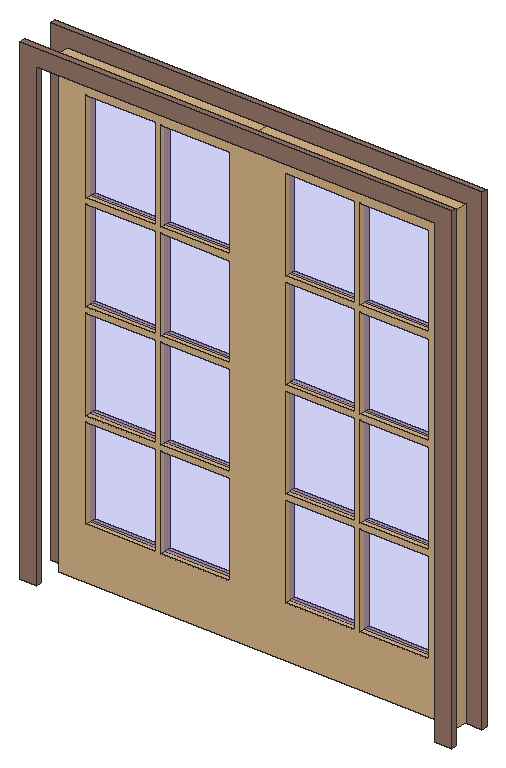
Revit family "0012_M_DR_W_double-glass 2", category 문, Revit 2026
Family settings
  호스트 = 벽
  항상 수직 = 예
  로드될 때 보이드를 사용하여 절단 = 아니오
  공유 = 아니오
  룸 계산 점 = 아니오
Parameters (values of type "72" x 84"")
  두께 = 0' - 2"
  기능 = 내부
  Stile Width = 0' - 5"
  Rail - Top = 0' - 5"
  Rail - Bottom = 0' - 9 1/2"
  조합 코드 = "C1020"
  Door Material = Door - Panel
  Frame Material = Door - Frame
  Height = 7' - 0"
  Muntin = 0' - 1"
  Trim Projection Ext = 0' - 1"
  Trim Projection Int = 0' - 1"
  Trim Width = 0' - 3"
  벽 마무리 = 호스트별
  Width = 6' - 0"
Types (6): name | 두께 | Stile Width | Rail - Top | Rail - Bottom | 조합 코드 | Height | Muntin | Trim Projection Ext | Trim Projection Int | Trim Width | Width
  72" x 78" | 0' - 2" | 0' - 5" | 0' - 5" | 0' - 9 1/2" | "C1020" | 6' - 6" | 0' - 1" | 0' - 1" | 0' - 1" | 0' - 3" | 6' - 0"
  72" x 82" | 0' - 2" | 0' - 5" | 0' - 5" | 0' - 9 1/2" | "C1020" | 6' - 10" | 0' - 1" | 0' - 1" | 0' - 1" | 0' - 3" | 6' - 0"
  68" x 80" | 0' - 2" | 0' - 5" | 0' - 5" | 0' - 9 1/2" | "C1020" | 6' - 8" | 0' - 1" | 0' - 1" | 0' - 1" | 0' - 3" | 5' - 8"
  68" x 84" | 0' - 2" | 0' - 5" | 0' - 5" | 0' - 9 1/2" | "C1020" | 7' - 0" | 0' - 1" | 0' - 1" | 0' - 1" | 0' - 3" | 5' - 8"
  72" x 84" | 0' - 2" | 0' - 5" | 0' - 5" | 0' - 9 1/2" | "C1020" | 7' - 0" | 0' - 1" | 0' - 1" | 0' - 1" | 0' - 3" | 6' - 0"
  1830 x 2134mm | 0' - 1.9685" | 0' - 4.92126" | 0' - 4.92126" | 0' - 9.44882" | 0' - 0" | 7' - 0.01575" | 0' - 0.98425" | 0' - 0.98425" | 0' - 0.98425" | 0' - 2.95276" | 6' - 0.04724"
Reference planes (in)
  plane 1: y = 0
  plane 2: z = 0
  plane 3 "Center": x = 0
  plane 4 "Left": x = -36
  plane 5 "Right": x = 36
  plane 6 "Top": z = 84
  plane 7: z = 80
  plane 8: z = 62.375
  plane 9: z = 61.375
  plane 10: z = 44.75
  plane 11: z = 43.75
  plane 12: z = 27.125
  plane 13: z = 79
  plane 14: z = 26.125
  plane 15: z = 9.5
  plane 16: x = 31
  plane 17: x = 18.5
  plane 18: x = 17.5
  plane 19: x = 5
  plane 20: x = -5
  plane 21: x = -17.5
  plane 22: x = -18.5
  plane 23: x = -31
  plane 24: x = 18
  plane 25: x = -18
Forms (in)
  Extrusion 1, solid, material "Door - Frame" <- "Frame Material"
    sketch origin (-90, 3, 0) x (-1, 0, 0) y (0, 0, 1)
      loop
        line (-126, 84) -> (-54, 84) -> (-54, 0) -> (-51, 0) -> (-51, 87) -> (-129, 87) -> (-129, 0) -> (-126, 0) -> (-126, 84)
    from 0 to 1
  Extrusion 2, solid, material "Door - Frame" <- "Frame Material"
    sketch origin (-90, -3, 0) x (1, 0, 0) y (0, 0, 1)
      loop
        line (54, 0) -> (54, 84) -> (126, 84) -> (126, 0) -> (129, 0) -> (129, 87) -> (51, 87) -> (51, 0) -> (54, 0)
    from 0 to 1
  Extrusion 3, solid, material "Door - Panel" <- "Door Material"
    sketch origin (36, 3, 78) x (0, 0, -1) y (-1, 0, 0)
      loop
        line (-6, 0) -> (78, 0) -> (78, 36) -> (78, 72) -> (-6, 72) -> (-6, 36) -> (-6, 0)
      loop
        line (-1, 5) -> (15.625, 5) -> (15.625, 17.5) -> (-1, 17.5) -> (-1, 5)
      loop
        line (-1, 18.5) -> (15.625, 18.5) -> (15.625, 31) -> (-1, 31) -> (-1, 18.5)
      loop
        line (16.625, 5) -> (33.25, 5) -> (33.25, 17.5) -> (16.625, 17.5) -> (16.625, 5)
      loop
        line (16.625, 18.5) -> (33.25, 18.5) -> (33.25, 31) -> (16.625, 31) -> (16.625, 18.5)
      loop
        line (34.25, 5) -> (50.875, 5) -> (50.875, 17.5) -> (34.25, 17.5) -> (34.25, 5)
      loop
        line (34.25, 18.5) -> (50.875, 18.5) -> (50.875, 31) -> (34.25, 31) -> (34.25, 18.5)
      loop
        line (51.875, 5) -> (68.5, 5) -> (68.5, 17.5) -> (51.875, 17.5) -> (51.875, 5)
      loop
        line (51.875, 18.5) -> (68.5, 18.5) -> (68.5, 31) -> (51.875, 31) -> (51.875, 18.5)
      loop
        line (-1, 41) -> (15.625, 41) -> (15.625, 53.5) -> (-1, 53.5) -> (-1, 41)
      loop
        line (16.625, 41) -> (33.25, 41) -> (33.25, 53.5) -> (16.625, 53.5) -> (16.625, 41)
      loop
        line (16.625, 67) -> (16.625, 54.5) -> (33.25, 54.5) -> (33.25, 67) -> (16.625, 67)
      loop
        line (34.25, 41) -> (50.875, 41) -> (50.875, 53.5) -> (34.25, 53.5) -> (34.25, 41)
      loop
        line (34.25, 67) -> (34.25, 54.5) -> (50.875, 54.5) -> (50.875, 67) -> (34.25, 67)
      loop
        line (51.875, 41) -> (68.5, 41) -> (68.5, 53.5) -> (51.875, 53.5) -> (51.875, 41)
      loop
        line (51.875, 54.5) -> (68.5, 54.5) -> (68.5, 67) -> (51.875, 67) -> (51.875, 54.5)
      loop
        line (15.625, 67) -> (-1, 67) -> (-1, 54.5) -> (15.625, 54.5) -> (15.625, 67)
    from 0 to -2
  Extrusion 4, solid, material "Glass"
    sketch origin (36, 3, 78) x (0, 0, -1) y (-1, 0, 0)
      loop
        line (-1, 5) -> (15.625, 5) -> (15.625, 17.5) -> (-1, 17.5) -> (-1, 5)
      loop
        line (-1, 18.5) -> (15.625, 18.5) -> (15.625, 31) -> (-1, 31) -> (-1, 18.5)
      loop
        line (-1, 41) -> (15.625, 41) -> (15.625, 53.5) -> (-1, 53.5) -> (-1, 41)
      loop
        line (15.625, 67) -> (-1, 67) -> (-1, 54.5) -> (15.625, 54.5) -> (15.625, 67)
      loop
        line (16.625, 67) -> (16.625, 54.5) -> (33.25, 54.5) -> (33.25, 67) -> (16.625, 67)
      loop
        line (16.625, 41) -> (33.25, 41) -> (33.25, 53.5) -> (16.625, 53.5) -> (16.625, 41)
      loop
        line (16.625, 18.5) -> (33.25, 18.5) -> (33.25, 31) -> (16.625, 31) -> (16.625, 18.5)
      loop
        line (16.625, 5) -> (33.25, 5) -> (33.25, 17.5) -> (16.625, 17.5) -> (16.625, 5)
      loop
        line (34.25, 5) -> (50.875, 5) -> (50.875, 17.5) -> (34.25, 17.5) -> (34.25, 5)
      loop
        line (34.25, 31) -> (34.25, 18.5) -> (50.875, 18.5) -> (50.875, 31) -> (34.25, 31)
      loop
        line (34.25, 41) -> (50.875, 41) -> (50.875, 53.5) -> (34.25, 53.5) -> (34.25, 41)
      loop
        line (34.25, 67) -> (34.25, 54.5) -> (50.875, 54.5) -> (50.875, 67) -> (34.25, 67)
      loop
        line (51.875, 5) -> (68.5, 5) -> (68.5, 17.5) -> (51.875, 17.5) -> (51.875, 5)
      loop
        line (51.875, 31) -> (51.875, 18.5) -> (68.5, 18.5) -> (68.5, 31) -> (51.875, 31)
      loop
        line (51.875, 41) -> (68.5, 41) -> (68.5, 53.5) -> (51.875, 53.5) -> (51.875, 41)
      loop
        line (51.875, 67) -> (51.875, 54.5) -> (68.5, 54.5) -> (68.5, 67) -> (51.875, 67)
    from -0.75 to -1.25
Lines and regions (in)
  Opening 1
    outline origin (-90, -3, 0) x (1, 0, 0) y (0, 0, 1)
      loop
        line (54, 0) -> (126, 0) -> (126, 84) -> (54, 84) -> (54, 0)
  symbolic lines, style "Elevation Swing"
    curve 1: line (0, 3, 0) -> (-36, 3, 42)
    curve 2: line (-36, 3, 42) -> (0, 3, 84)
    curve 11: line (0, 3, 84) -> (36, 3, 42)
    curve 12: line (0, 3, 0) -> (36, 3, 42)
    curve 13: line (0, -3, 84) -> (36, -3, 42)
    curve 14: line (0, -3, 0) -> (36, -3, 42)
    curve 15: line (0, -3, 84) -> (-36, -3, 42)
    curve 16: line (0, -3, 0) -> (-36, -3, 42)
  symbolic lines, style "Plan Swing"
    curve 3: arc (0, 3, 0) -> (-10.54416, 28.45584, 0) -> (-36, 39, 0) r 36
    curve 4: arc (0, 3, 0) -> (9.84661, 27.73863, 0) -> (34, 38.9444, 0) r 36
  symbolic lines, style "DoorsPanelProjection"
    curve 5: line (-36, 3, 0) -> (-34, 3, 0)
    curve 6: line (-36, 3, 0) -> (-36, 39, 0)
    curve 7: line (-34, 3, 0) -> (-34, 38.9444, 0)
    curve 8: line (36, 3, 0) -> (34, 3, 0)
    curve 9: line (36, 3, 0) -> (36, 39, 0)
    curve 10: line (34, 3, 0) -> (34, 38.9444, 0)
    curve 19: line (-36, 39.01114, 0) -> (-34, 39.01114, 0)
    curve 20: line (34, 38.9444, 0) -> (36, 38.9444, 0)
  model lines, style "DoorsPanelProjection"
    curve 17: line (0, 3, 84) -> (0, 3, 0)
    curve 18: line (0, 1, 84) -> (0, 1, 0)
Text (in)
  text "Exterior" at (-58.67754, 27.31104, 0), in view "Floor Line"
  text "Interior" at (-58.34764, -25.14366, 0), in view "Floor Line"
  text "Exterior" at (0, 40.15149, 123.01588), in view "Right"
  text "Interior" at (0, -64.39139, 123.01588), in view "Right"
  text "Interior" at (0, -31.01599, 123.00693), in view "Left"
  text "Exterior" at (0, 54.57065, 123.00693), in view "Left"
Dimensions and locks (in)
  equal spacing: plane 4 "Left", plane 3 "Center", plane 5 "Right"
  "Height": plane 2 to plane 6 "Top"
  "Trim Width": Extrusion 2 sketch curve to plane 4 "Left"
  "Trim Width": Extrusion 2 sketch curve to plane 5 "Right"
  "Trim Width": Extrusion 2 sketch curve to plane 6 "Top"
  "Trim Width": Extrusion 1 sketch curve to Extrusion 1 sketch curve  (x2)
  "Trim Width": Extrusion 1 sketch curve to plane 6 "Top"
  equal spacing: host wall, curve 2, plane 6 "Top"
  "Trim Projection Int": Extrusion 2 to host wall
  "Trim Projection Ext": Extrusion 1 to host wall
  equal spacing: host wall, curve 12, plane 6 "Top"
  "Muntin": plane 13 to plane 7
  "Muntin": plane 9 to plane 8
  "Muntin": plane 11 to plane 10
  "Muntin": plane 14 to plane 12
  "Rail - Bottom": host wall to plane 15
  equal spacing: plane 15, plane 12, plane 10, plane 8, plane 7
  "Stile Width": plane 16 to plane 5 "Right"
  "Stile Width": plane 23 to plane 4 "Left"
  "Muntin": plane 17 to plane 18
  "Muntin": plane 21 to plane 22
  equal spacing: plane 16, plane 24, plane 19
  equal spacing: plane 20, plane 25, plane 23
  equal spacing: plane 17, plane 24, plane 18
  equal spacing: plane 21, plane 25, plane 22
  locked: host wall to Extrusion 3
  Extrusion 4 to Extrusion 4 to Extrusion 1 = 0' - 0 1/2" locked, 0' - 0 3/4" locked
  "두께": Extrusion 3 to Extrusion 3
  "두께": curve 10 to plane 5 "Right"
  "두께": plane 4 "Left" to curve 7
  "Width": plane 4 "Left" to plane 5 "Right"
  "Rail - Top": plane 13 to plane 6 "Top"
  "Stile Width": plane 19 to plane 3 "Center"
  "Stile Width": plane 3 "Center" to plane 20
  aligned and locked: plane 4 "Left" to Opening 1 sketch curve
  aligned and locked: plane 6 "Top" to Opening 1 sketch curve  (x2)
  aligned and locked: Opening 1 sketch curve to plane 5 "Right"
  aligned and locked: Opening 1 sketch curve to level
  aligned and locked: plane 6 "Top" to Extrusion 1 sketch curve  (x2)
  aligned and locked: plane 4 "Left" to Extrusion 1 sketch curve
  aligned and locked: Extrusion 1 sketch curve to plane 4 "Left"
  aligned and locked: plane 2 to Extrusion 1 sketch curve
  aligned and locked: Extrusion 1 sketch curve to plane 2
  aligned and locked: level to Extrusion 1 sketch curve
  aligned and locked: plane 5 "Right" to Extrusion 1 sketch curve
  aligned and locked: Extrusion 1 to host wall  (x3)
  aligned and locked: plane 4 "Left" to Extrusion 2 sketch curve
  aligned and locked: plane 6 "Top" to Extrusion 2 sketch curve  (x2)
  aligned and locked: plane 5 "Right" to Extrusion 2 sketch curve  (x2)
  aligned and locked: level to Extrusion 2 sketch curve
  aligned and locked: Extrusion 2 sketch curve to level
  aligned and locked: plane 2 to Extrusion 2 sketch curve
  aligned and locked: Extrusion 2 to host wall
  aligned and locked: plane 6 "Top" to curve 2
  aligned and locked: level to curve 1
  aligned and locked: Extrusion 3 sketch curve to Extrusion 1  (x2)
  aligned and locked: plane 13 to Extrusion 3 sketch curve  (x4)
  aligned and locked: plane 8 to Extrusion 3 sketch curve  (x3)
  aligned and locked: plane 17 to Extrusion 3 sketch curve  (x4)
  aligned and locked: plane 19 to Extrusion 3 sketch curve  (x4)
  aligned and locked: plane 16 to Extrusion 3 sketch curve  (x3)
  aligned and locked: plane 9 to Extrusion 3 sketch curve  (x3)
  aligned and locked: plane 10 to Extrusion 3 sketch curve  (x4)
  aligned and locked: plane 18 to Extrusion 3 sketch curve  (x3)
  aligned and locked: plane 11 to Extrusion 3 sketch curve  (x3)
  aligned and locked: plane 12 to Extrusion 3 sketch curve  (x4)
  aligned and locked: plane 14 to Extrusion 3 sketch curve  (x4)
  aligned and locked: plane 15 to Extrusion 3 sketch curve  (x3)
  aligned and locked: plane 21 to Extrusion 3 sketch curve  (x4)
  aligned and locked: plane 20 to Extrusion 3 sketch curve  (x3)
  aligned and locked: plane 23 to Extrusion 3 sketch curve  (x4)
  aligned and locked: Extrusion 3 sketch curve to plane 9
  aligned and locked: plane 22 to Extrusion 3 sketch curve  (x3)
  aligned and locked: Extrusion 3 sketch curve to plane 11
  aligned and locked: Extrusion 3 sketch curve to plane 8
  aligned and locked: Extrusion 4 sketch curve to Extrusion 3  (x60)
  aligned and locked: host wall to Extrusion 3
  aligned and locked: curve 5 to Extrusion 3
  aligned and locked: curve 8 to Extrusion 3
  aligned and locked: Extrusion 1 to curve 3
  aligned and locked: Extrusion 1 to curve 4
  aligned and locked: curve 17 to curve 18
  aligned and locked: curve 17 to Extrusion 3
Automatic sketch dimensions
  Extrusion 3 sketch curve to plane 15 = 0' - 0"
  Extrusion 3 sketch curve to level = 0' - 0"
  Extrusion 3 sketch curve to plane 16 = 0' - 0"
  Extrusion 3 sketch curve to plane 18 = 0' - 0"
  Extrusion 3 sketch curve to plane 20 = 0' - 0"
  Extrusion 3 sketch curve to plane 22 = 0' - 0"
  Extrusion 3 sketch curve to plane 4 "Left" = 0' - 0"
  Extrusion 3 sketch curve to plane 3 "Center" = 0' - 0"  (x2)
  Extrusion 4 sketch curve to plane 9 = 0' - 0"
  Extrusion 4 sketch curve to plane 12 = 0' - 0"  (x2)
  Extrusion 4 sketch curve to plane 22 = 0' - 0"
  curve 17 to plane 6 "Top" = 0' - 0"
  curve 18 to plane 6 "Top" = 0' - 0"
  curve 15 to plane 3 "Center" = 0' - 0"
  curve 15 to plane 6 "Top" = 0' - 0"
  curve 13 to plane 5 "Right" = 0' - 0"
  curve 15 to plane 4 "Left" = 0' - 0"
  curve 16 to level = 0' - 0"
  curve 17 to level = 0' - 0"
  curve 18 to level = 0' - 0"
  curve 13 to curve 11 = 0' - 0"
  curve 15 to curve 2 = 0' - 0"
  curve 1 to plane 4 "Left" = 0' - 0"
  curve 12 to plane 3 "Center" = 0' - 0"
  curve 2 to plane 3 "Center" = 0' - 0"
  curve 14 to plane 3 "Center" = 0' - 0"
  curve 12 to plane 5 "Right" = 0' - 0"
  curve 19 to plane 4 "Left" = 0' - 0"
  curve 3 to plane 4 "Left" = 0' - 0"
  curve 3 to plane 3 "Center" = 0' - 0"
  curve 4 to plane 3 "Center" = 0' - 0"
  curve 4 to plane 5 "Right" = 0' - 0"
  curve 8 to plane 5 "Right" = 0' - 0"
  curve 20 to plane 5 "Right" = 0' - 0"
  curve 19 to curve 7 = 0' - 0"
  curve 20 to curve 4 = 0' - 0"  (x2)
  curve 20 to curve 9 = 0' - 0.0556"
  curve 7 to curve 19 = 0' - 0.06674"
